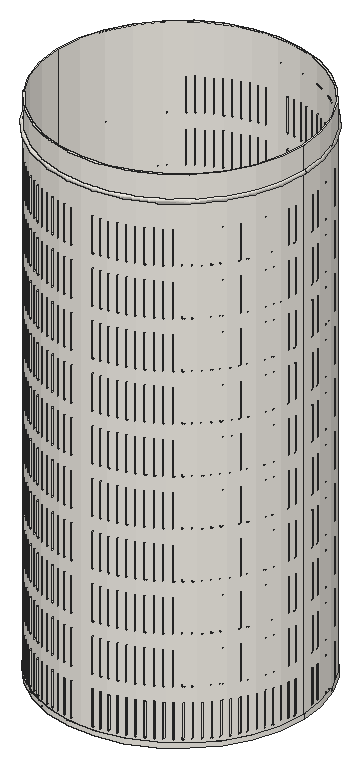
Revit family "Air Terminals_IQA", category Air Terminals, Revit 2017 (continued)
Definition of nested family "Void 10"
  Forms (mm)
    Extrusion 2, void
      sketch origin (0, -0.004, 1080) x (0.996195, -0.087156, 0) y (0, 0, 1)
        loop
          line (-2.5, 100) -> (-2.5, 20)
          arc (-2.5, 20) -> (0, 17.5) -> (2.5, 20) r 2.5
          line (2.5, 20) -> (2.5, 100)
      from -319.154 to 326.21
    Extrusion 3, void
      sketch origin (0, -0.004, 1080) x (0.996195, 0.087156, 0) y (0, 0, 1)
        loop
          arc (2.5, 100) -> (0, 102.5) -> (-2.5, 100) r 2.5
          line (-2.5, 100) -> (-2.5, 20)
          arc (-2.5, 20) -> (0, 17.5) -> (2.5, 20) r 2.5
          line (2.5, 20) -> (2.5, 100)
      from -319.154 to 326.21
    Extrusion 4, void
      sketch origin (-0.004, 0, 1080) x (0.087156, -0.996195, 0) y (0, 0, 1)
        loop
          arc (2.5, 100) -> (0, 102.5) -> (-2.5, 100) r 2.5
          line (-2.5, 100) -> (-2.5, 20)
          arc (-2.5, 20) -> (0, 17.5) -> (2.5, 20) r 2.5
          line (2.5, 20) -> (2.5, 100)
      from -319.154 to 326.21
    Extrusion 5, void
      sketch origin (-0.001, -0.004, 1080) x (0.981111, -0.193444, 0) y (0, 0, 1)
        loop
          arc (2.5, 100) -> (0, 102.5) -> (-2.5, 100) r 2.5
          line (-2.5, 100) -> (-2.5, 20)
          arc (-2.5, 20) -> (0, 17.5) -> (2.5, 20) r 2.5
          line (2.5, 20) -> (2.5, 100)
      from -319.154 to 326.21
    Extrusion 6, void
      sketch origin (-0.001, -0.004, 1080) x (0.954721, -0.297503, 0) y (0, 0, 1)
        loop
          arc (2.5, 100) -> (0, 102.5) -> (-2.5, 100) r 2.5
          line (-2.5, 100) -> (-2.5, 20)
          arc (-2.5, 20) -> (0, 17.5) -> (2.5, 20) r 2.5
          line (2.5, 20) -> (2.5, 100)
      from -319.154 to 326.21
    Extrusion 7, void
      sketch origin (-0.002, -0.004, 1080) x (0.917328, -0.398133, 0) y (0, 0, 1)
        loop
          arc (2.5, 100) -> (0, 102.5) -> (-2.5, 100) r 2.5
          line (-2.5, 100) -> (-2.5, 20)
          arc (-2.5, 20) -> (0, 17.5) -> (2.5, 20) r 2.5
          line (2.5, 20) -> (2.5, 100)
      from -319.154 to 326.21
    Extrusion 8, void
      sketch origin (-0.002, -0.004, 1080) x (0.869362, -0.494175, 0) y (0, 0, 1)
        loop
          arc (2.5, 100) -> (0, 102.5) -> (-2.5, 100) r 2.5
          line (-2.5, 100) -> (-2.5, 20)
          arc (-2.5, 20) -> (0, 17.5) -> (2.5, 20) r 2.5
          line (2.5, 20) -> (2.5, 100)
      from -319.154 to 326.21
    Extrusion 9, void
      sketch origin (-0.002, -0.003, 1080) x (0.811378, -0.584522, 0) y (0, 0, 1)
        loop
          arc (2.5, 100) -> (0, 102.5) -> (-2.5, 100) r 2.5
          line (-2.5, 100) -> (-2.5, 20)
          arc (-2.5, 20) -> (0, 17.5) -> (2.5, 20) r 2.5
          line (2.5, 20) -> (2.5, 100)
      from -319.154 to 326.21
    Extrusion 10, void
      sketch origin (-0.003, -0.003, 1080) x (0.744043, -0.668132, 0) y (0, 0, 1)
        loop
          arc (2.5, 100) -> (0, 102.5) -> (-2.5, 100) r 2.5
          line (-2.5, 100) -> (-2.5, 20)
          arc (-2.5, 20) -> (0, 17.5) -> (2.5, 20) r 2.5
          line (2.5, 20) -> (2.5, 100)
      from -319.154 to 326.21
    Extrusion 11, void
      sketch origin (-0.003, -0.003, 1080) x (0.668132, -0.744043, 0) y (0, 0, 1)
        loop
          arc (2.5, 100) -> (0, 102.5) -> (-2.5, 100) r 2.5
          line (-2.5, 100) -> (-2.5, 20)
          arc (-2.5, 20) -> (0, 17.5) -> (2.5, 20) r 2.5
          line (2.5, 20) -> (2.5, 100)
      from -319.154 to 326.21
    Extrusion 12, void
      sketch origin (-0.003, -0.002, 1080) x (0.584522, -0.811378, 0) y (0, 0, 1)
        loop
          arc (2.5, 100) -> (0, 102.5) -> (-2.5, 100) r 2.5
          line (-2.5, 100) -> (-2.5, 20)
          arc (-2.5, 20) -> (0, 17.5) -> (2.5, 20) r 2.5
          line (2.5, 20) -> (2.5, 100)
      from -319.154 to 326.21
    Extrusion 13, void
      sketch origin (-0.004, -0.002, 1080) x (0.494175, -0.869362, 0) y (0, 0, 1)
        loop
          arc (2.5, 100) -> (0, 102.5) -> (-2.5, 100) r 2.5
          line (-2.5, 100) -> (-2.5, 20)
          arc (-2.5, 20) -> (0, 17.5) -> (2.5, 20) r 2.5
          line (2.5, 20) -> (2.5, 100)
      from -319.154 to 326.21
    Extrusion 14, void
      sketch origin (-0.004, -0.002, 1080) x (0.398133, -0.917328, 0) y (0, 0, 1)
        loop
          arc (2.5, 100) -> (0, 102.5) -> (-2.5, 100) r 2.5
          line (-2.5, 100) -> (-2.5, 20)
          arc (-2.5, 20) -> (0, 17.5) -> (2.5, 20) r 2.5
          line (2.5, 20) -> (2.5, 100)
      from -319.154 to 326.21
    Extrusion 15, void
      sketch origin (-0.004, -0.001, 1080) x (0.297503, -0.954721, 0) y (0, 0, 1)
        loop
          arc (2.5, 100) -> (0, 102.5) -> (-2.5, 100) r 2.5
          line (-2.5, 100) -> (-2.5, 20)
          arc (-2.5, 20) -> (0, 17.5) -> (2.5, 20) r 2.5
          line (2.5, 20) -> (2.5, 100)
      from -319.154 to 326.21
    Extrusion 16, void
      sketch origin (-0.004, -0.001, 1080) x (0.193444, -0.981111, 0) y (0, 0, 1)
        loop
          arc (2.5, 100) -> (0, 102.5) -> (-2.5, 100) r 2.5
          line (-2.5, 100) -> (-2.5, 20)
          arc (-2.5, 20) -> (0, 17.5) -> (2.5, 20) r 2.5
          line (2.5, 20) -> (2.5, 100)
      from -319.154 to 326.21
    Extrusion 17, void
      sketch origin (0.004, 0, 1080) x (0.087156, 0.996195, 0) y (0, 0, 1)
        loop
          arc (2.5, 100) -> (0, 102.5) -> (-2.5, 100) r 2.5
          line (-2.5, 100) -> (-2.5, 20)
          arc (-2.5, 20) -> (0, 17.5) -> (2.5, 20) r 2.5
          line (2.5, 20) -> (2.5, 100)
      from -319.154 to 326.21
    Extrusion 18, void
      sketch origin (0.001, -0.004, 1080) x (0.981111, 0.193444, 0) y (0, 0, 1)
        loop
          arc (2.5, 100) -> (0, 102.5) -> (-2.5, 100) r 2.5
          line (-2.5, 100) -> (-2.5, 20)
          arc (-2.5, 20) -> (0, 17.5) -> (2.5, 20) r 2.5
          line (2.5, 20) -> (2.5, 100)
      from -319.154 to 326.21
    Extrusion 19, void
      sketch origin (0.001, -0.004, 1080) x (0.954721, 0.297503, 0) y (0, 0, 1)
        loop
          arc (2.5, 100) -> (0, 102.5) -> (-2.5, 100) r 2.5
          line (-2.5, 100) -> (-2.5, 20)
          arc (-2.5, 20) -> (0, 17.5) -> (2.5, 20) r 2.5
          line (2.5, 20) -> (2.5, 100)
      from -319.154 to 326.21
    Extrusion 20, void
      sketch origin (0.002, -0.004, 1080) x (0.917328, 0.398133, 0) y (0, 0, 1)
        loop
          arc (2.5, 100) -> (0, 102.5) -> (-2.5, 100) r 2.5
          line (-2.5, 100) -> (-2.5, 20)
          arc (-2.5, 20) -> (0, 17.5) -> (2.5, 20) r 2.5
          line (2.5, 20) -> (2.5, 100)
      from -319.154 to 326.21
    Extrusion 21, void
      sketch origin (0.002, -0.004, 1080) x (0.869362, 0.494175, 0) y (0, 0, 1)
        loop
          arc (2.5, 100) -> (0, 102.5) -> (-2.5, 100) r 2.5
          line (-2.5, 100) -> (-2.5, 20)
          arc (-2.5, 20) -> (0, 17.5) -> (2.5, 20) r 2.5
          line (2.5, 20) -> (2.5, 100)
      from -319.154 to 326.21
    Extrusion 22, void
      sketch origin (0.002, -0.003, 1080) x (0.811378, 0.584522, 0) y (0, 0, 1)
        loop
          arc (2.5, 100) -> (0, 102.5) -> (-2.5, 100) r 2.5
          line (-2.5, 100) -> (-2.5, 20)
          arc (-2.5, 20) -> (0, 17.5) -> (2.5, 20) r 2.5
          line (2.5, 20) -> (2.5, 100)
      from -319.154 to 326.21
    Extrusion 23, void
      sketch origin (0.003, -0.003, 1080) x (0.744043, 0.668132, 0) y (0, 0, 1)
        loop
          arc (2.5, 100) -> (0, 102.5) -> (-2.5, 100) r 2.5
          line (-2.5, 100) -> (-2.5, 20)
          arc (-2.5, 20) -> (0, 17.5) -> (2.5, 20) r 2.5
          line (2.5, 20) -> (2.5, 100)
      from -319.154 to 326.21
    Extrusion 24, void
      sketch origin (0.003, -0.003, 1080) x (0.668132, 0.744043, 0) y (0, 0, 1)
        loop
          arc (2.5, 100) -> (0, 102.5) -> (-2.5, 100) r 2.5
          line (-2.5, 100) -> (-2.5, 20)
          arc (-2.5, 20) -> (0, 17.5) -> (2.5, 20) r 2.5
          line (2.5, 20) -> (2.5, 100)
      from -319.154 to 326.21
    Extrusion 25, void
      sketch origin (0.003, -0.002, 1080) x (0.584522, 0.811378, 0) y (0, 0, 1)
        loop
          arc (2.5, 100) -> (0, 102.5) -> (-2.5, 100) r 2.5
          line (-2.5, 100) -> (-2.5, 20)
          arc (-2.5, 20) -> (0, 17.5) -> (2.5, 20) r 2.5
          line (2.5, 20) -> (2.5, 100)
      from -319.154 to 326.21
    Extrusion 26, void
      sketch origin (0.004, -0.002, 1080) x (0.494175, 0.869362, 0) y (0, 0, 1)
        loop
          arc (2.5, 100) -> (0, 102.5) -> (-2.5, 100) r 2.5
          line (-2.5, 100) -> (-2.5, 20)
          arc (-2.5, 20) -> (0, 17.5) -> (2.5, 20) r 2.5
          line (2.5, 20) -> (2.5, 100)
      from -319.154 to 326.21
    Extrusion 27, void
      sketch origin (0.004, -0.002, 1080) x (0.398133, 0.917328, 0) y (0, 0, 1)
        loop
          arc (2.5, 100) -> (0, 102.5) -> (-2.5, 100) r 2.5
          line (-2.5, 100) -> (-2.5, 20)
          arc (-2.5, 20) -> (0, 17.5) -> (2.5, 20) r 2.5
          line (2.5, 20) -> (2.5, 100)
      from -319.154 to 326.21
    Extrusion 28, void
      sketch origin (0.004, -0.001, 1080) x (0.297503, 0.954721, 0) y (0, 0, 1)
        loop
          arc (2.5, 100) -> (0, 102.5) -> (-2.5, 100) r 2.5
          line (-2.5, 100) -> (-2.5, 20)
          arc (-2.5, 20) -> (0, 17.5) -> (2.5, 20) r 2.5
          line (2.5, 20) -> (2.5, 100)
      from -319.154 to 326.21
    Extrusion 29, void
      sketch origin (0.004, -0.001, 1080) x (0.193444, 0.981111, 0) y (0, 0, 1)
        loop
          arc (2.5, 100) -> (0, 102.5) -> (-2.5, 100) r 2.5
          line (-2.5, 100) -> (-2.5, 20)
          arc (-2.5, 20) -> (0, 17.5) -> (2.5, 20) r 2.5
          line (2.5, 20) -> (2.5, 100)
      from -319.154 to 326.21
  Cuts and joins
    Extrusion 2, Extrusion 3, Extrusion 4, Extrusion 5, Extrusion 6, Extrusion 7, Extrusion 8, Extrusion 9, Extrusion 10, Extrusion 11, Extrusion 12, Extrusion 13, Extrusion 14, Extrusion 15, Extrusion 16, Extrusion 17, Extrusion 18, Extrusion 19, Extrusion 20, Extrusion 21, Extrusion 22, Extrusion 23, Extrusion 24, Extrusion 25, Extrusion 26, Extrusion 27, Extrusion 28, Extrusion 29 cuts Extrusion 1
  Dimensions and locks
    "Maß A": plane 4 to level
    "Maß ØD-4": diameter of Extrusion 1 sketch curve
    "Maß ØD": diameter of Extrusion 1 sketch curve
    aligned and locked: level to plane 2
    aligned and locked: plane 4 to Extrusion 1
  Automatic sketch dimensions
    Extrusion 2 sketch curve to Extrusion 2 sketch curve = 2.5 mm
    Extrusion 2 sketch curve to Extrusion 2 sketch curve = 80.0 mm
    Extrusion 3 sketch curve to Extrusion 3 sketch curve = 2.5 mm
    Extrusion 3 sketch curve to Extrusion 3 sketch curve = 80.0 mm
    Extrusion 4 sketch curve to Extrusion 4 sketch curve = 2.5 mm
    Extrusion 4 sketch curve to Extrusion 4 sketch curve = 80.0 mm
    Extrusion 5 sketch curve to Extrusion 5 sketch curve = 2.5 mm
    Extrusion 5 sketch curve to Extrusion 5 sketch curve = 80.0 mm
    Extrusion 6 sketch curve to Extrusion 6 sketch curve = 2.5 mm
    Extrusion 6 sketch curve to Extrusion 6 sketch curve = 80.0 mm
    Extrusion 7 sketch curve to Extrusion 7 sketch curve = 2.5 mm
    Extrusion 7 sketch curve to Extrusion 7 sketch curve = 80.0 mm
    Extrusion 8 sketch curve to Extrusion 8 sketch curve = 2.5 mm
    Extrusion 8 sketch curve to Extrusion 8 sketch curve = 80.0 mm
    Extrusion 9 sketch curve to Extrusion 9 sketch curve = 2.5 mm
    Extrusion 9 sketch curve to Extrusion 9 sketch curve = 80.0 mm
    Extrusion 10 sketch curve to Extrusion 10 sketch curve = 2.5 mm
    Extrusion 10 sketch curve to Extrusion 10 sketch curve = 80.0 mm
    Extrusion 11 sketch curve to Extrusion 11 sketch curve = 2.5 mm
    Extrusion 11 sketch curve to Extrusion 11 sketch curve = 80.0 mm
    Extrusion 12 sketch curve to Extrusion 12 sketch curve = 2.5 mm
    Extrusion 12 sketch curve to Extrusion 12 sketch curve = 80.0 mm
    Extrusion 13 sketch curve to Extrusion 13 sketch curve = 2.5 mm
    Extrusion 13 sketch curve to Extrusion 13 sketch curve = 80.0 mm
    Extrusion 14 sketch curve to Extrusion 14 sketch curve = 2.5 mm
    Extrusion 14 sketch curve to Extrusion 14 sketch curve = 80.0 mm
    Extrusion 15 sketch curve to Extrusion 15 sketch curve = 2.5 mm
    Extrusion 15 sketch curve to Extrusion 15 sketch curve = 80.0 mm
    Extrusion 16 sketch curve to Extrusion 16 sketch curve = 2.5 mm
    Extrusion 16 sketch curve to Extrusion 16 sketch curve = 80.0 mm
    Extrusion 17 sketch curve to Extrusion 17 sketch curve = 2.5 mm
    Extrusion 17 sketch curve to Extrusion 17 sketch curve = 80.0 mm
    Extrusion 18 sketch curve to Extrusion 18 sketch curve = 2.5 mm
    Extrusion 18 sketch curve to Extrusion 18 sketch curve = 80.0 mm
    Extrusion 19 sketch curve to Extrusion 19 sketch curve = 2.5 mm
    Extrusion 19 sketch curve to Extrusion 19 sketch curve = 80.0 mm
    Extrusion 20 sketch curve to Extrusion 20 sketch curve = 2.5 mm
    Extrusion 20 sketch curve to Extrusion 20 sketch curve = 80.0 mm
    Extrusion 21 sketch curve to Extrusion 21 sketch curve = 2.5 mm
    Extrusion 21 sketch curve to Extrusion 21 sketch curve = 80.0 mm
    Extrusion 22 sketch curve to Extrusion 22 sketch curve = 2.5 mm
    Extrusion 22 sketch curve to Extrusion 22 sketch curve = 80.0 mm
    Extrusion 23 sketch curve to Extrusion 23 sketch curve = 2.5 mm
    Extrusion 23 sketch curve to Extrusion 23 sketch curve = 80.0 mm
    Extrusion 24 sketch curve to Extrusion 24 sketch curve = 2.5 mm
    Extrusion 24 sketch curve to Extrusion 24 sketch curve = 80.0 mm
    Extrusion 25 sketch curve to Extrusion 25 sketch curve = 2.5 mm
    Extrusion 25 sketch curve to Extrusion 25 sketch curve = 80.0 mm
    Extrusion 26 sketch curve to Extrusion 26 sketch curve = 2.5 mm
    Extrusion 26 sketch curve to Extrusion 26 sketch curve = 80.0 mm
    Extrusion 27 sketch curve to Extrusion 27 sketch curve = 2.5 mm
    Extrusion 27 sketch curve to Extrusion 27 sketch curve = 80.0 mm
    Extrusion 28 sketch curve to Extrusion 28 sketch curve = 2.5 mm
    Extrusion 28 sketch curve to Extrusion 28 sketch curve = 80.0 mm
    Extrusion 29 sketch curve to Extrusion 29 sketch curve = 2.5 mm
    Extrusion 29 sketch curve to Extrusion 29 sketch curve = 80.0 mm
    Extrusion 1 sketch curve to Extrusion 1 sketch curve = 0.0 mm  (x2)
    plane 1 "Center (Front/Back)" to Extrusion 1 sketch curve = 0.0 mm
    Extrusion 1 sketch curve to plane 3 "Center (Left/Right)" = 0.0 mm
Definition of nested family "Assembly up"
  Parameters (values of type "Assembly up")
    e = 110.0 mm
    d = 912.0 mm
    c = 5.0 mm
    b = 140.0 mm
    a = 120.0 mm
    Maß ØD+6 = Maß ØD + 6.0 mm  # 254.0 mm
    Maß ØD = 248.0 mm
    Maß A = 785.5 mm
  Reference planes
    plane 1 "Center (Front/Back)": y = 0
    plane 2: z = 0
    plane 3 "Center (Left/Right)": x = 0
    plane 4: x = -127
    plane 5: x = 127
    plane 6: z = 912
    plane 7: z = 857
    plane 8: z = 967
  Forms (mm)
    Extrusion 1, solid
      sketch origin (0, 0, 0) x (1, 0, 0) y (0, 1, 0)
        loop
          line (-111.933, 60) -> (-132, 60) -> (-132, -60) -> (-111.933, -60)
          arc (-111.933, -60) -> (-109.065, -65.068) -> (-105.967, -70) r 127
          line (-105.967, -70) -> (-102.352, -70)
          arc (-102.352, -70) -> (-106.436, -63.619) -> (-110.123, -57) r 124
          line (-110.123, -57) -> (-129, -57) -> (-129, 57) -> (-110.123, 57)
          arc (-110.123, 57) -> (-106.436, 63.619) -> (-102.352, 70) r 124
          line (-102.352, 70) -> (-105.967, 70)
          arc (-105.967, 70) -> (-109.065, 65.068) -> (-111.933, 60) r 127
      from 967 to 857
    Extrusion 2, solid
      sketch origin (0, 0, 0) x (1, 0, 0) y (0, 1, 0)
        loop
          line (-142, 45) -> (-142, -45) -> (-135, -45) -> (-135, -55) -> (-132, -55) -> (-132, -42) -> (-139, -42) -> (-139, 42) -> (-132, 42) -> (-132, 55) -> (-135, 55) -> (-135, 45) -> (-142, 45)
      from 857 to 967
  Lines and regions (mm)
    reference lines
      curve 1: circle (0, 0, 0) r 124 normal (0, 0, 1)
      curve 2: circle (0, 0, 0) r 127 normal (0, 0, 1)
  Dimensions and locks
    equal spacing: plane 4, plane 3 "Center (Left/Right)", plane 5
    "Maß ØD+6": plane 4 to plane 5
    equal spacing: Extrusion 1 sketch curve, plane 1 "Center (Front/Back)", Extrusion 1 sketch curve  (x2)
    "a": Extrusion 1 sketch curve to Extrusion 1 sketch curve
    locked: Extrusion 1 sketch curve to Extrusion 1 sketch curve at 3
    Extrusion 1 sketch curve to Extrusion 1 sketch curve = 3.0 mm  (x2)
    "c": Extrusion 1 sketch curve to plane 4
    "b": Extrusion 1 sketch curve to Extrusion 1 sketch curve
    "d": plane 6 to plane 2
    equal spacing: plane 8, plane 6, plane 7
    "e": plane 8 to plane 7
    locked: Extrusion 2 sketch curve to Extrusion 1 at 10
    locked: Extrusion 2 sketch curve to Extrusion 2 sketch curve at 3
    locked: Extrusion 1 to Extrusion 2 sketch curve at 15  (x2)
    "Maß ØD": diameter of curve 1
    "Maß ØD+6": diameter of curve 2
    aligned and locked: level to plane 2
    aligned and locked: Extrusion 1 sketch curve to curve 1  (x2)
    aligned and locked: Extrusion 1 sketch curve to curve 2  (x2)
    aligned and locked: plane 7 to Extrusion 1
    aligned and locked: plane 8 to Extrusion 1
    aligned and locked: Extrusion 2 sketch curve to Extrusion 1
    aligned and locked: Extrusion 1 to Extrusion 2 sketch curve
    aligned and locked: Extrusion 2 to plane 8
    aligned and locked: Extrusion 2 to plane 7
  Automatic sketch dimensions
    Extrusion 2 sketch curve to Extrusion 2 sketch curve = 3.0 mm  (x4)
    Extrusion 2 sketch curve to Extrusion 2 sketch curve = 10.0 mm  (x2)
    curve 1 to curve 2 = 0.0 mm  (x2)
    plane 1 "Center (Front/Back)" to curve 2 = 0.0 mm
    curve 2 to plane 3 "Center (Left/Right)" = 0.0 mm
Types (9, lengths in mm): name | ∆p (Pa) | Void 9 | Void 8 | Void 10 | Maß ØD | Vo (m3/h) | Void 7 | vert. Eindringt. ymax (m) | Maß A | hori. Wurfw. xhor (m) | H_Assembly | DN | Array radial
  (no name) | "13/31/65" | yes | yes | yes | 628.0 | "4100/6400/9200" | yes | "9.7/14.0/18.9" | 1306.5 | "5.8/6.9/8.0" | 900.0 | 8 | 24
  IQA_DN 250 | "12/27/56" | no | no | no | 248.0 | "620/930/1350" | no | "3.5/4.9/6.6" | 841.5 | "0.8/0.9/1.1" | 540.0 | 1 | 14
  IQA_DN 315 | "14/30/58" | no | no | no | 313.0 | "1050/1550/2150" | no | "4.7/6.5/8.6" | 841.5 | "1.3/1.6/1.8" | 540.0 | 2 | 15
  IQA_DN 355 | "14/31/61" | no | yes | no | 353.0 | "1350/2000/2800" | yes | "5.5/7.5/9.9" | 1027.5 | "1.7/2.0/2.3" | 660.0 | 3 | 16
  IQA_DN 400 | "15/32/62" | no | yes | no | 398.0 | "1700/2500/3500" | yes | "6.3/8.6/11.4" | 1027.5 | "2.3/2.6/3.0" | 660.0 | 4 | 17
  IQA_DN 450 | "14/31/63" | no | yes | no | 448.0 | "2100/3100/4400" | yes | "7.0/9.7/13.0" | 1027.5 | "2.9/3.4/3.9" | 660.0 | 5 | 18
  IQA_DN 500 | "14/32/63" | yes | yes | yes | 498.0 | "2650/4000/5600" | yes | "7.9/11.0/14.6" | 1306.5 | "3.6/4.3/4.9" | 900.0 | 6 | 20
  IQA_DN 560 | "13/31/63" | yes | yes | yes | 558.0 | "3300/5000/7100" | yes | "8.8/12.3/16.5" | 1306.5 | "4.6/5.4/6.2" | 900.0 | 7 | 22
  IQA_DN 630 | "13/31/65" | yes | yes | yes | 628.0 | "4100/6400/9200" | yes | "9.7/14.0/18.9" | 1306.5 | "5.8/6.9/8.0" | 900.0 | 8 | 24
